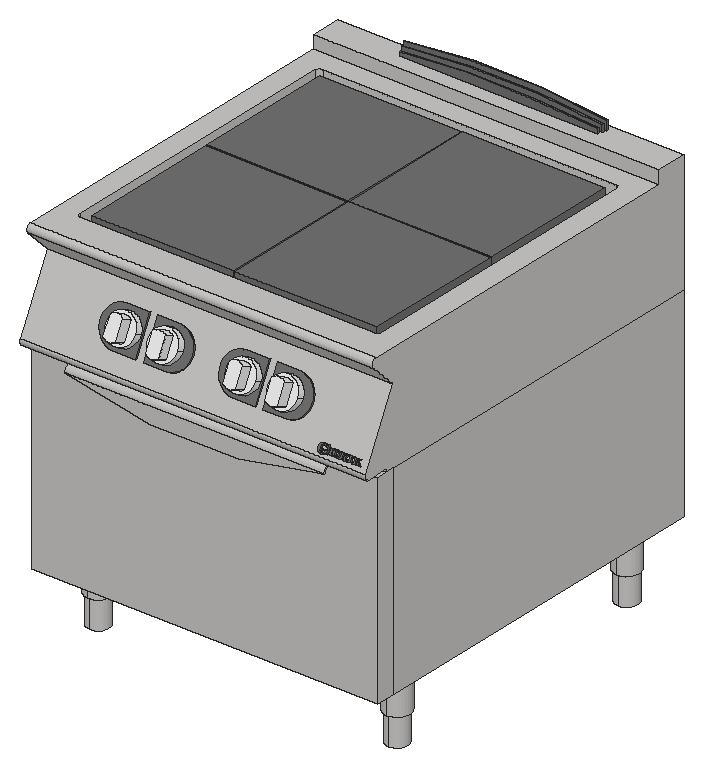
Revit family "QF_GIORIK_TE940E", category Specialty Equipment, Revit 2014
Parameters (values of type "TE940E")
  Weight in Pounds = 418.8778
  Watts = 18000 W
  Waste Water Discharge Temperature [instance] = 0 °C
  Volts = 400 V
  URL Cutsheet = "www.giorik.com"
  URL = "www.giorik.com"
  Status [instance] = ""
  Specification by User [instance] = ""
  Specification by Manufacturer = ""
  Show Logo [instance] = yes
  Show Clearance [instance] = yes
  Serial Number = ""
  Seismic Rating = ""
  SMACNA No = ""
  Revision Code [instance] = ""
  Plumbing Remarks [instance] = ""
  Plumbing Connection Type [instance] = ""
  Phase = 3
  Number of Poles [instance] = 3
  NAFEM Spec ID Number = ""
  Model = "TE940E"
  Min Ckt Ampacity = 0 A
  Max Overcurrent Protection = 0 A
  Masterspec = ""
  Manufacturer = "GIORIK"
  Item Number [instance] = ""
  Installed By [instance] = ""
  Indirect Waste Size = 1"
  Indirect Waste Flow = 0.0 L/s
  Indirect Waste Connection Type [instance] = ""
  Indirect Waste Connection Height [instance] = 150 mm
  Identify Quantity as Lot [instance] = no
  HP = "24.138360000000"
  Furnished By [instance] = ""
  Foodservice Equipment Identifier [instance] = yes
  FL Amps = 0 A
  Electrical Remarks [instance] = ""
  Electric Connection Type [instance] = ""
  Elec Conn RI Height [instance] = 0 mm
  Elec Conn Connection Height [instance] = 150 mm
  Description = "ELECTRIC SOLID TOP HOB ON ELECTRIC OVEN"
  Cycle = 50 Hz
  Conn Plug = ""
  Conn Conduit [instance] = no
  CSI MasterFormat = ""
  Assembly Code = "E1090320"
  Apparent Power = 18000 VA
Reference planes
  plane 1 "Back": y = 0
  plane 2: z = 0
  plane 3 "Left": x = 0
  plane 4 "Right": x = 800
  plane 5 "Front": y = -920
  plane 6 "Top": z = 900
Forms (mm)
  Extrusion 1, solid, visible <- "Show Logo"
    sketch origin (591.604, -936.761, 609.486) x (-1, 0, 0) y (0, 0.452718, 0.891654)
      loop
        line (-118.824, 58.358) -> (-127.804, 58.358) -> (-125.523, 56.445) -> (-125.523, 48.027) -> (-127.804, 46.113) -> (-118.824, 46.113) -> (-121.105, 48.027) -> (-121.105, 56.445) -> (-118.824, 58.358)
      loop
        line (-163.721, 58.358) -> (-172.7, 58.358) -> (-170.42, 56.445) -> (-170.42, 48.027) -> (-172.7, 46.113) -> (-163.721, 46.113) -> (-166.001, 48.027) -> (-166.001, 56.445) -> (-163.721, 58.358)
      loop
        line (-174.332, 58.358) -> (-183.312, 58.358) -> (-181.031, 56.445) -> (-181.031, 52.435) -> (-186.419, 56.955) -> (-184.416, 58.358) -> (-191.268, 58.358) -> (-188.01, 56.839) -> (-185.455, 54.283) -> (-190.846, 47.858) -> (-193.396, 46.93) -> (-193.396, 46.113) -> (-184.416, 46.113) -> (-185.437, 47.571) -> (-182.443, 51.552) -> (-181.031, 50.894) -> (-181.031, 48.027) -> (-183.312, 46.113) -> (-174.332, 46.113) -> (-176.613, 48.027) -> (-176.613, 56.445) -> (-174.332, 58.358)
      loop
        line (-115.429, 62.063) -> (-115.429, 54.198)
        arc (-115.429, 54.198) -> (-111.618, 57.803) -> (-106.847, 59.986) r 16.039
        arc (-106.847, 59.986) -> (-103.314, 59.837) -> (-100.512, 57.68) r 5.851
        arc (-100.512, 57.68) -> (-98.815, 52.267) -> (-100.512, 46.853) r 9.479
        arc (-100.512, 46.853) -> (-102.406, 44.986) -> (-104.846, 43.93) r 7.236
        arc (-104.846, 43.93) -> (-107.728, 44.111) -> (-110.052, 45.825) r 5.11
        line (-110.052, 45.825) -> (-110.052, 52.001) -> (-116.141, 52.001) -> (-116.141, 45.503) -> (-117.893, 43.751) -> (-114.094, 44.769)
        arc (-114.094, 44.769) -> (-112.56, 44.947) -> (-111.129, 44.366) r 3.115
        arc (-111.129, 44.366) -> (-104.216, 42.091) -> (-97.303, 44.366) r 11.641
        arc (-97.303, 44.366) -> (-93.396, 52.107) -> (-97.303, 59.849) r 9.622
        arc (-97.303, 59.849) -> (-104.369, 62.174) -> (-111.435, 59.849) r 11.898
        line (-111.435, 59.849) -> (-115.429, 62.063)
      loop
        arc (-129.234, 56.068) -> (-135.893, 58.628) -> (-142.552, 56.068) r 9.941
        arc (-142.552, 56.068) -> (-144.234, 52.286) -> (-142.552, 48.505) r 5.093
        arc (-142.552, 48.505) -> (-135.893, 45.945) -> (-129.234, 48.505) r 9.941
        arc (-129.234, 48.505) -> (-127.552, 52.286) -> (-129.234, 56.068) r 5.093
      loop
        arc (-132.628, 54.403) -> (-135.893, 57.668) -> (-139.158, 54.403) r 3.265
        line (-139.158, 54.403) -> (-139.158, 50.169)
        arc (-139.158, 50.169) -> (-135.893, 46.904) -> (-132.628, 50.169) r 3.265
        line (-132.628, 50.169) -> (-132.628, 54.403)
      loop
        arc (-156.363, 58.365) -> (-159.647, 55.081) -> (-156.363, 51.796) r 3.285
        line (-156.363, 51.796) -> (-159.529, 47.306) -> (-162.087, 46.113) -> (-155.847, 46.113) -> (-153.529, 51.083) -> (-150.637, 51.083) -> (-150.637, 47.784) -> (-153.022, 46.113) -> (-144.011, 46.113) -> (-146.094, 47.68) -> (-146.094, 56.493) -> (-144.229, 58.365) -> (-156.363, 58.365)
      loop
        line (-150.637, 57.512) -> (-153.637, 57.512)
        arc (-153.637, 57.512) -> (-156.237, 54.912) -> (-153.637, 52.312) r 2.6
        line (-153.637, 52.312) -> (-150.637, 52.312) -> (-150.637, 57.512)
      loop
        line (-108.924, 52.001) -> (-104.936, 49.005) -> (-100.948, 52.001) -> (-108.924, 52.001)
    from 1.5 to -0.5
  Extrusion 2, solid
    sketch origin (-16, 1025.81, 0) x (1, 0, 0) y (0, 1, 0)
      loop
        line (25, -1086.81) -> (25, -1156.81) -> (115, -1156.81) -> (115, -1086.81) -> (25, -1086.81)
    from 148 to 150
  Extrusion 3, solid
    sketch origin (-4, 0, 130) x (1, 0, 0) y (0, 1, 0)
      loop
        circle (54, -385) r 12.5
    from 0 to 20
  Extrusion 4, solid
    sketch origin (0, 800, -20) x (0, 1, 0) y (0, 0, 1)
      loop
        line (-800, 919.988) -> (-870, 919.988) -> (-870, 889.988) -> (-1688.806, 889.988)
        arc (-1688.806, 889.988) -> (-1699.151, 883.075) -> (-1696.724, 870.873) r 11.197
        line (-1696.724, 870.873) -> (-1640.876, 815.025) -> (-1718.948, 661.258)
        arc (-1718.948, 661.258) -> (-1718.233, 650.105) -> (-1708.118, 645.354) r 10.981
        line (-1708.118, 645.354) -> (-1660, 649.925) -> (-1660, 640) -> (-800, 640) -> (-800, 919.988)
    from 0 to 800
  Extrusion 5, solid
    sketch origin (0, -200, 599.536) x (1, 0, 0) y (0, 1, 0)
      loop
        line (0, -640) -> (40, -640) -> (40, 160) -> (760, 160) -> (760, -640) -> (800, -640) -> (800, 200) -> (0, 200) -> (0, -640)
    from -449.536 to 20.464
  Extrusion 6, solid
    sketch origin (0, -200, 0) x (1, 0, 0) y (0, 1, 0)
      loop
        line (40, 160) -> (40, -640) -> (760, -640) -> (760, 160) -> (40, 160)
    from 150 to 190
  Extrusion 7, solid
    sketch origin (-16, 360.81, 0) x (1, 0, 0) y (0, 1, 0)
      loop
        line (25, -1086.81) -> (25, -1156.81) -> (115, -1156.81) -> (115, -1086.81) -> (25, -1086.81)
    from 148 to 150
  Revolve 8, solid
    sketch origin (54, 360.81, 0) x (0, 1, 0) y (0, 0, 1)
      loop
        line (-1092.56, 66) -> (-1092.56, 148) -> (-1121.81, 148) -> (-1121.81, 0) -> (-1096.81, 0) -> (-1096.81, 66) -> (-1092.56, 66)
      axis (-1121.81, 0) -> (-1121.81, 148)
    angle from 0 to 360
  Revolve 9, solid
    sketch origin (54, 1025.81, 0) x (0, 1, 0) y (0, 0, 1)
      loop
        line (-1092.56, 66) -> (-1092.56, 148) -> (-1121.81, 148) -> (-1121.81, 0) -> (-1096.81, 0) -> (-1096.81, 66) -> (-1092.56, 66)
      axis (-1121.81, 0) -> (-1121.81, 148)
    angle from 0 to 360
  Extrusion 10, solid
    sketch origin (816, 360.81, 0) x (-1, 0, 0) y (0, -1, 0)
      loop
        line (25, 1086.81) -> (115, 1086.81) -> (115, 1156.81) -> (25, 1156.81) -> (25, 1086.81)
    from 148 to 150
  Revolve 11, solid
    sketch origin (746, 360.81, 0) x (0, 1, 0) y (0, 0, -1)
      loop
        line (-1092.56, -66) -> (-1096.81, -66) -> (-1096.81, 0) -> (-1121.81, 0) -> (-1121.81, -148) -> (-1092.56, -148) -> (-1092.56, -66)
      axis (-1121.81, 0) -> (-1121.81, -148)
    angle from 0 to 360
  Extrusion 12, void
    sketch origin (422.306, -172.7, 900) x (0, 1, 0) y (-1, 0, 0)
      loop
        line (52.7, -317.694) -> (52.7, 362.306)
        arc (52.7, 362.306) -> (49.771, 369.377) -> (42.7, 372.306) r 10
        line (42.7, 372.306) -> (-637.265, 372.306)
        arc (-637.265, 372.306) -> (-644.336, 369.377) -> (-647.265, 362.306) r 10
        line (-647.265, 362.306) -> (-647.265, -317.694)
        arc (-647.265, -317.694) -> (-644.336, -324.765) -> (-637.265, -327.694) r 10
        line (-637.265, -327.694) -> (42.7, -327.694)
        arc (42.7, -327.694) -> (49.771, -324.765) -> (52.7, -317.694) r 10
    from -30.012 to -70.012
  Extrusion 13, solid
    sketch origin (816, -1217.81, 0) x (-1, 0, 0) y (0, -1, 0)
      loop
        line (25, -1086.81) -> (25, -1156.81) -> (115, -1156.81) -> (115, -1086.81) -> (25, -1086.81)
    from 148 to 150
  Revolve 14, solid
    sketch origin (746, -1217.81, 0) x (0, -1, 0) y (0, 0, 1)
      loop
        line (-1092.56, 66) -> (-1092.56, 148) -> (-1121.81, 148) -> (-1121.81, 0) -> (-1096.81, 0) -> (-1096.81, 66) -> (-1092.56, 66)
      axis (-1121.81, 0) -> (-1121.81, 148)
    angle from 0 to 360
  Extrusion 15, solid
    sketch origin (-210.755, -1162.334, 53.824) x (1, 0, 0) y (0, 0.452718, 0.891654)
      loop
        line (463.221, 676.25) -> (463.221, 766.25) -> (409.698, 766.25)
        arc (409.698, 766.25) -> (364.698, 721.25) -> (409.698, 676.25) r 45
        line (409.698, 676.25) -> (463.221, 676.25)
    from 48 to 50
  Extrusion 16, solid
    sketch origin (563.797, -1206.96, 76.375) x (-1, 0, 0) y (0, -0.452718, -0.891654)
      loop
        circle (351.331, -721.346) r 35
    from 0 to 15
  Extrusion 17, solid
    sketch origin (563.797, -1206.96, 76.375) x (-1, 0, 0) y (0, -0.452718, -0.891654)
      loop
        arc (336.331, -743.846) -> (351.331, -748.846) -> (366.331, -743.846) r 25
        line (366.331, -743.846) -> (366.331, -698.846)
        arc (366.331, -698.846) -> (351.331, -693.846) -> (336.331, -698.846) r 25
        line (336.331, -698.846) -> (336.331, -743.846)
    from 15 to 40
  Extrusion 18, solid
    sketch origin (733.221, -1162.334, 53.824) x (-1, 0, 0) y (0, -0.452718, -0.891654)
      loop
        line (463.221, -676.25) -> (409.698, -676.25)
        arc (409.698, -676.25) -> (364.698, -721.25) -> (409.698, -766.25) r 45
        line (409.698, -766.25) -> (463.221, -766.25) -> (463.221, -676.25)
    from 48 to 50
  Extrusion 19, solid
    sketch origin (-41.331, -1206.96, 76.375) x (1, 0, 0) y (0, 0.452718, 0.891654)
      loop
        circle (351.331, 721.346) r 35
    from 0 to 15
  Extrusion 20, solid
    sketch origin (-41.331, -1206.96, 76.375) x (1, 0, 0) y (0, 0.452718, 0.891654)
      loop
        line (336.331, 743.846) -> (336.331, 698.846)
        arc (336.331, 698.846) -> (351.331, 693.846) -> (366.331, 698.846) r 25
        line (366.331, 698.846) -> (366.331, 743.846)
        arc (366.331, 743.846) -> (351.331, 748.846) -> (336.331, 743.846) r 25
    from 15 to 40
  Extrusion 21, solid
    sketch origin (1010.755, -1162.334, 53.824) x (-1, 0, 0) y (0, -0.452718, -0.891654)
      loop
        line (463.221, -676.25) -> (409.698, -676.25)
        arc (409.698, -676.25) -> (364.698, -721.25) -> (409.698, -766.25) r 45
        line (409.698, -766.25) -> (463.221, -766.25) -> (463.221, -676.25)
    from 48 to 50
  Extrusion 22, solid
    sketch origin (236.203, -1206.96, 76.375) x (1, 0, 0) y (0, 0.452718, 0.891654)
      loop
        circle (351.331, 721.346) r 35
    from 0 to 15
  Extrusion 23, solid
    sketch origin (236.203, -1206.96, 76.375) x (1, 0, 0) y (0, 0.452718, 0.891654)
      loop
        line (336.331, 743.846) -> (336.331, 698.846)
        arc (336.331, 698.846) -> (351.331, 693.846) -> (366.331, 698.846) r 25
        line (366.331, 698.846) -> (366.331, 743.846)
        arc (366.331, 743.846) -> (351.331, 748.846) -> (336.331, 743.846) r 25
    from 15 to 40
  Extrusion 24, solid
    sketch origin (66.779, -1162.334, 53.824) x (1, 0, 0) y (0, 0.452718, 0.891654)
      loop
        line (463.221, 676.25) -> (463.221, 766.25) -> (409.698, 766.25)
        arc (409.698, 766.25) -> (364.698, 721.25) -> (409.698, 676.25) r 45
        line (409.698, 676.25) -> (463.221, 676.25)
    from 48 to 50
  Extrusion 25, solid
    sketch origin (841.331, -1206.96, 76.375) x (-1, 0, 0) y (0, -0.452718, -0.891654)
      loop
        circle (351.331, -721.346) r 35
    from 0 to 15
  Extrusion 26, solid
    sketch origin (841.331, -1206.96, 76.375) x (-1, 0, 0) y (0, -0.452718, -0.891654)
      loop
        arc (336.331, -743.846) -> (351.331, -748.846) -> (366.331, -743.846) r 25
        line (366.331, -743.846) -> (366.331, -698.846)
        arc (366.331, -698.846) -> (351.331, -693.846) -> (336.331, -698.846) r 25
        line (336.331, -698.846) -> (336.331, -743.846)
    from 15 to 40
  Extrusion 27, solid
    sketch origin (36.031, 0, -10.001) x (1, 0, 0) y (0, 0, 1)
      loop
        line (135, 909.989) -> (592.969, 909.989) -> (592.969, 919.989) -> (440.969, 929.989) -> (287, 929.989) -> (135, 919.989) -> (135, 909.989)
    from 32 to 35
  Extrusion 28, solid
    sketch origin (38, 10, -10.001) x (1, 0, 0) y (0, 0, 1)
      loop
        line (594, 909.989) -> (594, 924.989) -> (440, 937.489) -> (284, 937.489) -> (130, 925.001) -> (130, 909.989) -> (594, 909.989)
    from 32 to 35
  Extrusion 29, solid
    sketch origin (40, 20, -10.001) x (1, 0, 0) y (0, 0, 1)
      loop
        line (595, 909.989) -> (595, 930.001) -> (439, 945.258) -> (281, 945.258) -> (125, 929.989) -> (125, 909.989) -> (595, 909.989)
    from 32 to 35
  Extrusion 30, solid
    sketch origin (-397.775, -955.565, 829.988) x (0, -1, 0) y (1, 0, 0)
      loop
        line (-487.082, 796.275) -> (-815.565, 796.275) -> (-815.565, 467.775) -> (-487.082, 467.775) -> (-487.082, 796.275)
    from 0 to 40
  Extrusion 31, solid
    sketch origin (1197.775, -955.565, 829.988) x (0, -1, 0) y (1, 0, 0)
      loop
        line (-487.082, -796.275) -> (-487.082, -467.775) -> (-815.565, -467.775) -> (-815.565, -796.275) -> (-487.082, -796.275)
    from 0 to 40
  Extrusion 32, solid
    sketch origin (1197.775, -184.4, 829.988) x (0, 1, 0) y (-1, 0, 0)
      loop
        line (-287.082, 796.275) -> (-615.565, 796.275) -> (-615.565, 467.775) -> (-287.082, 467.775) -> (-287.082, 796.275)
    from 0 to 40
  Extrusion 33, solid
    sketch origin (-397.775, -184.4, 829.988) x (0, 1, 0) y (-1, 0, 0)
      loop
        line (-287.082, -796.275) -> (-287.082, -467.775) -> (-615.565, -467.775) -> (-615.565, -796.275) -> (-287.082, -796.275)
    from 0 to 40
  Extrusion 34, solid
    sketch origin (0, 0, 100) x (0, 1, 0) y (-1, 0, 0)
      loop
        circle (-615, -758) r 12.7
    from 30 to 50
  Extrusion 35, solid
    sketch origin (0, -925, 0) x (1, 0, 0) y (0, 0, 1)
      loop
        line (0, 620) -> (0, 150) -> (800, 150) -> (800, 620) -> (0, 620)
    from -85 to -40
  Extrusion 36, solid
    sketch origin (2.5, -925, -20.1) x (0, 1, 0) y (0, 0, 1)
      loop
        arc (25, 640.1) -> (14.393, 635.707) -> (10, 625.1) r 15
        line (10, 625.1) -> (12, 625.1)
        arc (12, 625.1) -> (15.808, 634.292) -> (25, 638.1) r 13
        line (25, 638.1) -> (40, 638.1) -> (40, 640.1) -> (25, 640.1)
    from 97.5 to 697.5
  Extrusion 37, solid
    sketch origin (2.5, -924.905, -20.1) x (1, 0, 0) y (0, 0, 1)
      loop
        arc (97.5, 625.1) -> (397.5, 582.413) -> (697.5, 625.1) r 1075.531
        line (697.5, 625.1) -> (97.5, 625.1)
    from -11.905 to -9.905
  Extrusion 38, solid, visible <- "Show Clearance", detail levels coarse
    sketch origin (0, -200, 0) x (0, 1, 0) y (0, 0, 1)
      loop
        line (-685, 150) -> (-685, 620)
        arc (-685, 620) -> (-1017.34, 482.34) -> (-1155, 150) r 470
        line (-1155, 150) -> (-685, 150)
    from 0 to 800
Cuts and joins
  Extrusion 12 cuts Extrusion 4
Lines and regions (mm)
  symbolic lines, style "200-EquipBorder-2D"
    curve 1: line (0, -920, 0) -> (800, -920, 0)
    curve 2: line (800, -920, 0) -> (800, 0, 0)
    curve 3: line (800, 0, 0) -> (0, 0, 0)
    curve 4: line (0, 0, 0) -> (0, -920, 0)
    curve 45: line (197.465, -926.246, 900) -> (197.465, -920, 900)
    curve 46: line (227.465, -926.246, 900) -> (227.465, -920, 900)
    curve 47: line (295, -926.246, 900) -> (295, -920, 900)
    curve 48: line (325, -926.246, 900) -> (325, -920, 900)
    curve 49: line (475, -926.246, 900) -> (475, -920, 900)
    curve 50: line (505, -926.246, 900) -> (505, -920, 900)
    curve 51: line (572.535, -926.246, 900) -> (572.535, -920, 900)
    curve 52: line (602.535, -926.246, 900) -> (602.535, -920, 900)
    curve 53: arc (602.535, -926.246, 900) -> (587.535, -928.371, 900) -> (572.535, -926.246, 900) r 53.986
    curve 54: arc (505, -926.246, 900) -> (490, -928.655, 900) -> (475, -926.246, 900) r 47.904
    curve 55: arc (295, -926.246, 900) -> (310, -928.53, 900) -> (325, -926.246, 900) r 50.382
    curve 56: arc (197.465, -926.246, 900) -> (212.465, -928.473, 900) -> (227.465, -926.246, 900) r 51.612
  symbolic lines, style "200-EquipInternal-2D"
    curve 5: line (0, -70, 900) -> (800, -70, 900)
    curve 6: line (165, -12, 900) -> (165, -15, 900)
    curve 7: line (168, -22, 900) -> (168, -25, 900)
    curve 8: line (171.031, -32, 900) -> (171.031, -35, 900)
    curve 9: line (635, -12, 900) -> (165, -12, 900)
    curve 10: line (165, -15, 900) -> (635, -15, 900)
    curve 11: line (632, -22, 900) -> (168, -22, 900)
    curve 12: line (168, -25, 900) -> (632, -25, 900)
    curve 13: line (629, -32, 900) -> (171.031, -32, 900)
    curve 14: line (171.031, -35, 900) -> (629, -35, 900)
    curve 15: line (635, -15, 900) -> (635, -12, 900)
    curve 16: line (632, -25, 900) -> (632, -22, 900)
    curve 17: line (629, -35, 900) -> (629, -32, 900)
    curve 18: line (50, -130, 900) -> (50, -809.965, 900)
    curve 19: line (70, -140, 900) -> (70, -468.482, 900)
    curve 20: line (740, -120, 900) -> (60, -120, 900)
    curve 21: line (398.5, -140, 900) -> (70, -140, 900)
    curve 22: arc (60, -120, 900) -> (52.929, -122.929, 900) -> (50, -130, 900) r 10
    curve 23: line (398.5, -468.482, 900) -> (398.5, -140, 900)
    curve 24: line (401.5, -140, 900) -> (401.5, -468.482, 900)
    curve 25: line (730, -140, 900) -> (401.5, -140, 900)
    curve 26: line (70, -468.482, 900) -> (398.5, -468.482, 900)
    curve 27: line (398.5, -471.482, 900) -> (70, -471.482, 900)
    curve 28: line (70, -471.482, 900) -> (70, -799.965, 900)
    curve 29: line (70, -799.965, 900) -> (398.5, -799.965, 900)
    curve 30: line (60, -819.965, 900) -> (740, -819.965, 900)
    curve 31: arc (50, -809.965, 900) -> (52.929, -817.036, 900) -> (60, -819.965, 900) r 10
    curve 32: line (401.5, -471.482, 900) -> (401.5, -799.965, 900)
    curve 33: line (398.5, -799.965, 900) -> (398.5, -471.482, 900)
    curve 34: line (401.5, -799.965, 900) -> (730, -799.965, 900)
    curve 35: line (730, -799.965, 900) -> (730, -471.482, 900)
    curve 36: line (750, -809.965, 900) -> (750, -130, 900)
    curve 37: arc (740, -819.965, 900) -> (747.071, -817.036, 900) -> (750, -809.965, 900) r 10
    curve 38: line (730, -471.482, 900) -> (401.5, -471.482, 900)
    curve 39: line (730, -468.482, 900) -> (730, -140, 900)
    curve 40: line (401.5, -468.482, 900) -> (730, -468.482, 900)
    curve 41: arc (750, -130, 900) -> (747.071, -122.929, 900) -> (740, -120, 900) r 10
  symbolic lines, style "QF_Door-Drawer Clearances", visible <- "Show Clearance", detail levels coarse
    curve 42: line (0, -920, 0) -> (0, -1355, 0)
    curve 43: line (0, -1355, 900) -> (800, -1355, 900)
    curve 44: line (800, -1355, 900) -> (800, -920, 900)
Dimensions and locks
  plane 3 "Left" to plane 4 "Right" = 800 mm
  plane 5 "Front" to plane 1 "Back" = 920 mm
  plane 4 "Right" to plane 3 "Left" = 800 mm
  plane 1 "Back" to plane 5 "Front" = 920 mm
  plane 6 "Top" to level = 900 mm  (x2)
  aligned and locked: level to plane 2
Connectors
  electrical at (50, -385, 130), driven by "Apparent Power", driven by "Volts", driven by "Number of Poles"
    settings: on Extrusion 3, index 1, voltage 400 V, apparent load 0 VA, apparent load phase1 18000 VA, apparent load phase2 0 VA, apparent load phase3 0 VA, power factor 1, load classification "Other", number of poles 3, system type 31, power factor state 1, is connector primary yes, connector utility no, sub classification motor no, connector description "Electrical connection"
  piping at (758, -615, 130), diameter 25.4, driven by "Indirect Waste Size", driven by "Indirect Waste Flow"
    settings: on Extrusion 34, index 2, connector inside diameter 24", connector length 0 mm, flow factor 0, pipe flow 0.0 L/s, pressure drop 0.0 Pa, fitting loss kfactor 0, connector angle 0.00°, fixture units 0, engagement length 0 mm, angle of deflection 0.00°, flow configuration 1, flow direction 2, fitting loss method 0, system type 16, joint type 0, gender type 0, connector reference index -1, connector utility 0, adjustable connector no, is connector primary yes, connector description "Water drain"
